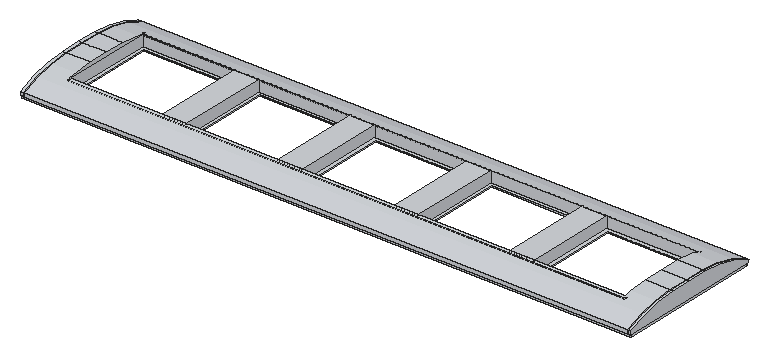
Revit family "Gira_0215395", category Electrical Fixtures, host Face, Revit 2017
Family settings
  Host = Face
  Maintain Annotation Orientation = No
  Round Connector Dimension = Use Diameter
  Part Type = Normal
  Cut with Voids When Loaded = No
  Shared = No
  Room Calculation Point = No
Parameters (values of type "Cov.fr. 5-g interm.fr. PW Gira Event Opaque mint")
  With mounting grid = "No"
  With hinged lid = "No"
  URL = "http://katalog.gira.de/en/datenblatt.html?artikelnr=0215395"
  Type of fastening = "Clamp mounting"
  Transparent = "No"
  Surface protection = "Other"
  Suitable for wall duct = "No"
  Suitable for flush-mounted installation = "Yes"
  Suitable for floor box = "No"
  Suitable for built-in installation = "No"
  Number of units vertical = "5"
  Number of units horizontal = "5"
  Number of units = "5"
  Name = "Cov.fr. 5-g interm.fr. PW Gira Event Opaque mint"
  Mounting direction = "Horizontal and vertical"
  Material quality = "Thermoplastic"
  Material = "Plastic"
  Manufacturer URL = "https://www.gira.de/"
  Manufacturer = "Gira"
  Label space/information surface = "No"
  Keynote = ""
  HeinzeBIM = "https://bimportal.heinze.de/bim/cov-fr-5-g-interm-fr-pw-gira-event-opaque-mint/427783f6cae8c88e810a1c185c38c22668755d6f"
  Halogen free = "Yes"
  HAN = "0215395"
  GTIN = "4010337074489"
  Description = "Cov.fr.5g i.fr.PW EvOp MI,Gira Event Opaque frames,mint with pure white glossy intermediate frame,5-gang,Features:,- Shatter-proof."
  Degree of protection (IP) = "IP20"
  Default Elevation = 1219.2 mm
  Data sheet (1) = "https://katalog.gira.de/en/download.html?artikelnr=0215395"
  Colour = "Other"
  Category = "Cover frame for domestic switching devices"
  BIM (1) = "https://media.stage.bim.site/public/gira/36a6b08/Event_Rahmen_5fach.rfa"
  Available = "No"
Reference planes
  plane 1 "Center (Front/Back)": y = 0
  plane 2: z = 0
  plane 3 "Center (Left/Right)": x = 0
Forms (mm)
  Extrusion 1, solid, detail levels fine
    sketch origin (0, 0, 0.05) x (0, 1, 0) y (0, 0, 1)
      loop
        arc (12.445, 9.683) -> (6.223, 9.833) -> (0, 9.85) r 291.636
        arc (0, 9.85) -> (-6.223, 9.833) -> (-12.445, 9.683) r 291.636
        arc (-12.445, 9.683) -> (-29.14, 7.482) -> (-45, 1.823) r 79.728
        line (-45, 1.823) -> (-45, -0.05) -> (-42.086, -0.05)
        arc (-42.086, -0.05) -> (-21.385, 5.559) -> (0, 7.206) r 114.424
        arc (0, 7.206) -> (21.385, 5.559) -> (42.086, -0.05) r 114.424
        line (42.086, -0.05) -> (45, -0.05) -> (45, 1.823)
        arc (45, 1.823) -> (29.14, 7.482) -> (12.445, 9.683) r 79.728
    from -185.578 to 185.593
  Extrusion 2, void, detail levels fine
    sketch origin (0, 0, 0) x (1, 0, 0) y (0, 1, 0)
      loop
        line (170.607, 28) -> (-170.593, 28) -> (-170.593, -28) -> (170.607, -28) -> (170.607, 28)
    from 0.724 to 11
  Extrusion 3, solid, detail levels coarse
    sketch origin (0, 0, 0) x (1, 0, 0) y (0, 1, 0)
      loop
        line (-187.578, 45) -> (-187.578, -45) -> (187.593, -45) -> (187.593, 45) -> (-187.578, 45)
    from -1.5 to 9.9
  Extrusion 4, solid, detail levels medium
    sketch origin (0, 0, 0.05) x (0, 1, 0) y (0, 0, 1)
      loop
        arc (12.445, 9.683) -> (6.223, 9.833) -> (0, 9.85) r 291.636
        arc (0, 9.85) -> (-6.223, 9.833) -> (-12.445, 9.683) r 291.636
        arc (-12.445, 9.683) -> (-29.14, 7.482) -> (-45, 1.823) r 79.728
        line (-45, 1.823) -> (-45, -0.05) -> (45, -0.05) -> (45, 1.823)
        arc (45, 1.823) -> (29.14, 7.482) -> (12.445, 9.683) r 79.728
    from -187.578 to 187.593
  Extrusion 5, solid, detail levels fine
    sketch origin (-142.578, 0, -1.5) x (0, 1, 0) y (0, 0, -1)
      loop
        line (45, -3.373) -> (45, -1.5) -> (-45, -1.5) -> (-45, -3.373)
        arc (-45, -3.373) -> (-29.14, -9.032) -> (-12.445, -11.233) r 79.728
        arc (-12.445, -11.233) -> (-6.223, -11.383) -> (0, -11.4) r 291.636
        arc (0, -11.4) -> (6.223, -11.383) -> (12.445, -11.233) r 291.636
        arc (12.445, -11.233) -> (29.14, -9.032) -> (45, -3.373) r 79.728
    from 43 to 45
  Extrusion 6, solid, detail levels fine
    sketch origin (0, 0, 0) x (1, 0, 0) y (0, 1, 0)
      loop
        line (-168.493, 25.7) -> (-168.493, -25.7) -> (-116.693, -25.7) -> (-116.693, 25.7) -> (-168.493, 25.7)
      loop
        line (-45.398, -25.7) -> (-45.398, 25.7) -> (-97.198, 25.7) -> (-97.198, -25.7) -> (-45.398, -25.7)
      loop
        line (-171.487, 28.49) -> (-171.487, -28.495)
        spline (-171.487, -28.495) -> (-171.479, -28.625) -> (-171.453, -28.754) -> (-171.411, -28.878) -> (-171.353, -28.995) -> (-171.281, -29.104) -> (-171.194, -29.202) -> (-171.096, -29.288) -> (-170.987, -29.361) -> (-170.87, -29.419) -> (-170.746, -29.461) -> (-170.618, -29.486) -> (-170.487, -29.495)
        line (-170.487, -29.495) -> (170.502, -29.495)
        spline (170.502, -29.495) -> (170.633, -29.486) -> (170.761, -29.461) -> (170.885, -29.419) -> (171.002, -29.361) -> (171.111, -29.288) -> (171.209, -29.202) -> (171.296, -29.104) -> (171.368, -28.995) -> (171.426, -28.878) -> (171.468, -28.754) -> (171.494, -28.625) -> (171.502, -28.495)
        line (171.502, -28.495) -> (171.502, 28.49)
        spline (171.502, 28.49) -> (171.494, 28.62) -> (171.468, 28.748) -> (171.426, 28.872) -> (171.368, 28.99) -> (171.296, 29.098) -> (171.209, 29.197) -> (171.111, 29.283) -> (171.002, 29.356) -> (170.885, 29.413) -> (170.761, 29.456) -> (170.633, 29.481) -> (170.502, 29.49)
        line (170.502, 29.49) -> (-170.487, 29.49)
        spline (-170.487, 29.49) -> (-170.618, 29.481) -> (-170.746, 29.456) -> (-170.87, 29.413) -> (-170.987, 29.356) -> (-171.096, 29.283) -> (-171.194, 29.197) -> (-171.281, 29.098) -> (-171.353, 28.99) -> (-171.411, 28.872) -> (-171.453, 28.748) -> (-171.479, 28.62) -> (-171.487, 28.49)
      loop
        line (25.902, -25.7) -> (25.902, 25.7) -> (-25.898, 25.7) -> (-25.898, -25.7) -> (25.902, -25.7)
      loop
        line (97.207, -25.7) -> (97.207, 25.7) -> (45.407, 25.7) -> (45.407, -25.7) -> (97.207, -25.7)
      loop
        line (168.507, -25.7) -> (168.507, 25.7) -> (116.707, 25.7) -> (116.707, -25.7) -> (168.507, -25.7)
    from 0.1 to 7.3
  Extrusion 7, solid
    sketch origin (0, 0, 0) x (1, 0, 0) y (0, 1, 0)
      loop
        arc (-187.293, -44.218) -> (-187.146, -44.572) -> (-186.793, -44.718) r 0.5
        line (-186.793, -44.718) -> (186.807, -44.718)
        arc (186.807, -44.718) -> (187.161, -44.572) -> (187.307, -44.218) r 0.5
        line (187.307, -44.218) -> (187.307, 44.182)
        arc (187.307, 44.182) -> (187.161, 44.535) -> (186.807, 44.682) r 0.5
        line (186.807, 44.682) -> (-186.793, 44.682)
        arc (-186.793, 44.682) -> (-187.146, 44.535) -> (-187.293, 44.182) r 0.5
        line (-187.293, 44.182) -> (-187.293, -44.218)
      loop
        line (-185.593, 42.982) -> (-185.593, -43.018) -> (185.607, -43.018) -> (185.607, 42.982) -> (-185.593, 42.982)
    from -1.5 to 0.5
  Extrusion 8, solid, detail levels fine
    sketch origin (142.593, 0, -1.5) x (0, 1, 0) y (0, 0, 1)
      loop
        arc (45, 3.373) -> (29.14, 9.032) -> (12.445, 11.233) r 79.728
        arc (12.445, 11.233) -> (6.223, 11.383) -> (0, 11.4) r 291.636
        arc (0, 11.4) -> (-6.223, 11.383) -> (-12.445, 11.233) r 291.636
        arc (-12.445, 11.233) -> (-29.14, 9.032) -> (-45, 3.373) r 79.728
        line (-45, 3.373) -> (-45, 1.5) -> (45, 1.5) -> (45, 3.373)
    from 43 to 45
  Extrusion 9, solid, detail levels medium
    sketch origin (0, 0, 0) x (1, 0, 0) y (0, 1, 0)
      loop
        line (-187.293, -44.718) -> (187.307, -44.718) -> (187.307, 44.682) -> (-187.293, 44.682) -> (-187.293, -44.718)
    from -1.5 to 0.5
  Extrusion 10, solid, detail levels fine
    sketch origin (-105.5, 0, 0) x (1, 0, 0) y (0, 1, 0)
      loop
        line (-8.943, 28.063) -> (-8.943, -27.937) -> (6.057, -27.937) -> (6.057, 28.063) -> (-8.943, 28.063)
    from 0.724 to 7.566
  Extrusion 11, solid, detail levels fine
    sketch origin (-37.085, 0, 0) x (-1, 0, 0) y (0, -1, 0)
      loop
        line (-8.943, -28.063) -> (6.057, -28.063) -> (6.057, 27.937) -> (-8.943, 27.937) -> (-8.943, -28.063)
    from 0.724 to 7.566
  Extrusion 12, solid, detail levels fine
    sketch origin (105.5, 0, 0) x (-1, 0, 0) y (0, -1, 0)
      loop
        line (-8.943, -28.063) -> (6.057, -28.063) -> (6.057, 27.937) -> (-8.943, 27.937) -> (-8.943, -28.063)
    from 0.724 to 7.566
  Extrusion 13, solid, detail levels fine
    sketch origin (37.085, 0, 0) x (1, 0, 0) y (0, 1, 0)
      loop
        line (-8.943, 28.063) -> (-8.943, -27.937) -> (6.057, -27.937) -> (6.057, 28.063) -> (-8.943, 28.063)
    from 0.724 to 7.566
Cuts and joins
  Extrusion 2 cuts Extrusion 1
  Extrusion 2 cuts Extrusion 6
Dimensions and locks
  aligned and locked: plane 2 to host face
  aligned and locked: level to host face
